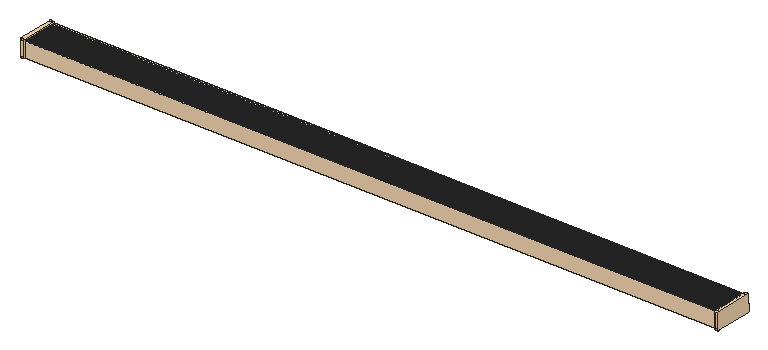
Revit family "Shower-Drain_Cover-KOHLER-Tile-In-K-80648_1", category Specialty Equipment, host Face, Revit 2017
Family settings
  Host = Face
  Round Connector Dimension = Use Diameter
  Part Type = Normal
  OmniClass Number = 23.31.25.00
  Cut with Voids When Loaded = No
  Shared = No
  Room Calculation Point = No
Parameters (values of type "2MB-Vibrant Brushed Moderne Brass")
  Width = 48"  # constant formula
  WaterSense Certified = 1 = 0  # no
  URL = "https://www.us.kohler.com/us/"
  Type = 1
  Product Page URL = "http://www.us.kohler.com/us/catalog/productDetails.jsp?productId=80648"
  Product Name = "TILE-IN"  # constant formula
  Product Documentation Link = "https://www.us.kohler.com/webassets/kpna/catalog/pdf/en/K-80648_spec_US-CA_Kohler_en.pdf"
  Model = if(Type = 1, "K-80648-2MB", if(Type = 2, "K-80648-BL", if(Type = 3, "K-80648-BNK", if(Type = 4, "K-80648-SH", "NA"))))  # "K-80648-2MB"
  Material = "Aluminum"  # constant formula
  Master Format 2014 Name = "Toilet, Bath, and Laundry Accessories"  # constant formula
  Master Format 2014 = "10 28 00"  # constant formula
  Manufacturer Address = "KOHLER Co. 444 Highland Dr. Kohler, WI 53044"  # constant formula
  Manufacturer = "KOHLER Co."  # constant formula
  Length = 2 9/16"  # constant formula
  Height = 1 1/8"  # constant formula
  Finish = Kohler-Metal-2MB-Vibrant_Brushed_Moderne_Brass
  Environmental Product Declaration = ""
  Description = "48 INCH TILE IN MEDIUM LINEAR DRAIN GRID"  # constant formula
  Default Elevation = 0"
  Declare Label = ""
  Date Modified = "04/13/2021"  # constant formula
  Date Created = "04/13/2021"  # constant formula
  Copyright = "Copyright KOHLER Co."  # constant formula
  Contact Us = "https://www.us.kohler.com/us/static/contact.jsp"
  Assembly Code = "C1030200"
  ADA Compliant = 1 = 0  # no
Types (5): name | Type | Model | Finish
  (no name) | 1 | "K-80648-2MB" | Kohler-Metal-2MB-Vibrant_Brushed_Moderne_Brass
  2MB-Vibrant Brushed Moderne Brass | 1 | "K-80648-2MB" | Kohler-Metal-2MB-Vibrant_Brushed_Moderne_Brass
  BL-Matte Black | 2 | "K-80648-BL" | Kohler-Metal-BL-Matte_Black
  BNK-Anodized Brushed Nickel | 3 | "K-80648-BNK" | Kohler-Metal-BNK-Anodized_Brushed_Nickel
  SH-Bright Silver | 4 | "K-80648-SH" | Kohler-Metal-SH-Bright_Silver
Reference planes (in)
  plane 1 "Center (Front/Back)": y = 0
  plane 2: z = 0
  plane 3 "Center (Left/Right)": x = 0
  plane 4: y = 1.28125
  plane 5: y = 1.25
  plane 6: y = -1.28125
  plane 7: y = -1.25
  plane 8: z = -1.125
  plane 9: x = -24
  plane 10: x = 24
Forms (in)
  Extrusion 1, void
    sketch origin (0, 0, 0) x (1, 0, 0) y (0, 1, 0)
      loop
        line (23.75, 1.25) -> (-23.75, 1.25) -> (-23.75, 1.295) -> (-24, 1.295) -> (-24, -1.295) -> (-23.75, -1.295) -> (-23.75, -1.25) -> (23.75, -1.25) -> (23.75, -1.295) -> (24, -1.295) -> (24, 1.295) -> (23.75, 1.295) -> (23.75, 1.25)
    from 0 to -1.15415
Dimensions and locks (in)
  "Length": plane 4 to plane 6
  plane 5 to plane 7 = 2 1/2"
  "Height": level to plane 8
  "Width": plane 9 to plane 10
  aligned and locked: plane 2 to host face
  aligned and locked: level to host face
Automatic sketch dimensions
  host sketch curve to host sketch curve = 96"  (x2)
  plane 5 to Extrusion 1 sketch curve = 0"
  Extrusion 1 sketch curve to plane 7 = 0"
  Extrusion 1 sketch curve to plane 6 = 0.01375"  (x2)
  Extrusion 1 sketch curve to plane 4 = 0.01375"  (x2)
  plane 9 to Extrusion 1 sketch curve = 0"
  Extrusion 1 sketch curve to Extrusion 1 sketch curve = 1/4"  (x3)
  Extrusion 1 sketch curve to plane 10 = 1/4"
  Extrusion 1 sketch curve to Extrusion 1 sketch curve = 0"
Nested families (in)
  nested 1: "K-80648" at (0, 0, 0), type "K-80648"
Definition of nested family "K-80648"
  Parameters (values of type "K-80648")
    Material = none
  Reference planes (in)
    plane 1 "Center (Front/Back)": y = 0
    plane 2: z = 0
    plane 3 "Center (Left/Right)": x = 0
    plane 4: y = 1.28125
    plane 5: y = -1.28125
    plane 6: y = 1.25
    plane 7: y = -1.25
    plane 8: z = -1.125
    plane 9: x = -24
    plane 10: x = 24
    plane 11: x = -17.49981
  Forms (in)
    Extrusion 1, solid, material <- "Material", detail levels medium+fine
      sketch origin (0, 0, 0) x (0, 1, 0) y (0, 0, 1)
        loop
          line (1.13155, -0.05) -> (1.13155, -1.1) -> (1.25, -1.1) -> (1.25, -0.05) -> (1.13155, -0.05)
        loop
          line (-1.15, -1.1) -> (-1.15, -0.05) -> (-1.25, -0.05) -> (-1.25, -1.1) -> (-1.15, -1.1)
        loop
          line (-1.11665, -0.05) -> (-1.11665, -0.11699) -> (-1.05368, -0.11699) -> (-1.05368, -0.05) -> (-1.11665, -0.05)
        loop
          line (-1.02033, -0.05) -> (-1.02033, -0.11699) -> (-0.95736, -0.11699) -> (-0.95736, -0.05) -> (-1.02033, -0.05)
        loop
          line (-0.92401, -0.05) -> (-0.92401, -0.11699) -> (-0.86104, -0.11699) -> (-0.86104, -0.05) -> (-0.92401, -0.05)
        loop
          line (-0.82769, -0.05) -> (-0.82769, -0.11699) -> (-0.76471, -0.11699) -> (-0.76471, -0.05) -> (-0.82769, -0.05)
        loop
          line (-0.73137, -0.05) -> (-0.73137, -0.11699) -> (-0.66839, -0.11699) -> (-0.66839, -0.05) -> (-0.73137, -0.05)
        loop
          line (-0.63505, -0.05) -> (-0.63505, -0.11699) -> (-0.57207, -0.11699) -> (-0.57207, -0.05) -> (-0.63505, -0.05)
        loop
          line (-0.53873, -0.05) -> (-0.53873, -0.11699) -> (-0.47575, -0.11699) -> (-0.47575, -0.05) -> (-0.53873, -0.05)
        loop
          line (-0.44241, -0.05) -> (-0.44241, -0.11699) -> (-0.37943, -0.11699) -> (-0.37943, -0.05) -> (-0.44241, -0.05)
        loop
          line (-0.34608, -0.05) -> (-0.34608, -0.11699) -> (-0.28311, -0.11699) -> (-0.28311, -0.05) -> (-0.34608, -0.05)
        loop
          line (-0.24976, -0.05) -> (-0.24976, -0.11699) -> (-0.18679, -0.11699) -> (-0.18679, -0.05) -> (-0.24976, -0.05)
        loop
          line (-0.15344, -0.05) -> (-0.15344, -0.11699) -> (-0.09047, -0.11699) -> (-0.09047, -0.05) -> (-0.15344, -0.05)
        loop
          line (-0.05712, -0.05) -> (-0.05712, -0.11699) -> (0.00586, -0.11699) -> (0.00586, -0.05) -> (-0.05712, -0.05)
        loop
          line (0.0392, -0.05) -> (0.0392, -0.11699) -> (0.10218, -0.11699) -> (0.10218, -0.05) -> (0.0392, -0.05)
        loop
          line (0.13552, -0.05) -> (0.13552, -0.11699) -> (0.1985, -0.11699) -> (0.1985, -0.05) -> (0.13552, -0.05)
        loop
          line (0.23184, -0.05) -> (0.23184, -0.11699) -> (0.29482, -0.11699) -> (0.29482, -0.05) -> (0.23184, -0.05)
        loop
          line (0.32816, -0.05) -> (0.32816, -0.11699) -> (0.39114, -0.11699) -> (0.39114, -0.05) -> (0.32816, -0.05)
        loop
          line (0.42449, -0.05) -> (0.42449, -0.11699) -> (0.48746, -0.11699) -> (0.48746, -0.05) -> (0.42449, -0.05)
        loop
          line (0.52081, -0.05) -> (0.52081, -0.11699) -> (0.58378, -0.11699) -> (0.58378, -0.05) -> (0.52081, -0.05)
        loop
          line (0.61713, -0.05) -> (0.61713, -0.11699) -> (0.6801, -0.11699) -> (0.6801, -0.05) -> (0.61713, -0.05)
        loop
          line (0.71345, -0.05) -> (0.71345, -0.11699) -> (0.77643, -0.11699) -> (0.77643, -0.05) -> (0.71345, -0.05)
        loop
          line (0.80977, -0.05) -> (0.80977, -0.11699) -> (0.87275, -0.11699) -> (0.87275, -0.05) -> (0.80977, -0.05)
        loop
          line (0.90609, -0.05) -> (0.90609, -0.11699) -> (0.96907, -0.11699) -> (0.96907, -0.05) -> (0.90609, -0.05)
        loop
          line (1.01472, -0.05) -> (1.01472, -0.11699) -> (1.07769, -0.11699) -> (1.07769, -0.05) -> (1.01472, -0.05)
      from -23.75 to 23.75
    Extrusion 2, solid, material <- "Material", detail levels coarse
      sketch origin (0, 0, 0) x (1, 0, 0) y (0, 1, 0)
        loop
          line (-24, 1.295) -> (-24, -1.295) -> (-23.75, -1.295) -> (-23.75, -1.25) -> (23.75, -1.25) -> (23.75, -1.295) -> (24, -1.295) -> (24, 1.295) -> (23.75, 1.295) -> (23.75, 1.25) -> (-23.75, 1.25) -> (-23.75, 1.295) -> (-24, 1.295)
      from -1.14 to 0
    Extrusion 3, void
      sketch origin (0, 0, 0) x (1, 0, 0) y (0, 1, 0)
        loop
          circle (-23.49981, 1.00027) r 0.07522
        loop
          circle (-23.49981, -1.03718) r 0.07522
        loop
          circle (-22.51556, 1.00027) r 0.07522
        loop
          circle (-22.51556, -1.03718) r 0.07522
        loop
          circle (-21.49864, 1.00027) r 0.07522
        loop
          circle (-21.49864, -1.03718) r 0.07522
        loop
          circle (-20.49884, 1.00027) r 0.07522
        loop
          circle (-20.49884, -1.03718) r 0.07522
        loop
          circle (-19.50037, 1.00027) r 0.07522
        loop
          circle (-19.50037, -1.03718) r 0.07522
        loop
          circle (-18.50003, 1.00027) r 0.07522
        loop
          circle (-18.50003, -1.03718) r 0.07522
        loop
          circle (-0.50105, 1.00027) r 0.07522
        loop
          circle (-0.50105, -1.03718) r 0.07522
        loop
          circle (5.49913, 1.00027) r 0.07522
        loop
          circle (5.49913, -1.03718) r 0.07522
        loop
          circle (11.50103, 1.00027) r 0.07522
        loop
          circle (11.50103, -1.03718) r 0.07522
        loop
          circle (17.50045, 1.00027) r 0.07522
        loop
          circle (17.50045, -1.03718) r 0.07522
        loop
          circle (23.49996, 1.00027) r 0.07522
        loop
          circle (23.49996, -1.03718) r 0.07522
      from -1.38399 to 0.45587
    Extrusion 4, solid, material <- "Material", detail levels medium+fine
      sketch origin (6, 0, 0) x (0, 1, 0) y (0, 0, -1)
        loop
          line (-1.255, 0) -> (1.255, 0)
          arc (1.255, 0) -> (1.28328, 0.01172) -> (1.295, 0.04) r 0.04
          line (1.295, 0.04) -> (1.295, 1.1)
          arc (1.295, 1.1) -> (1.28328, 1.12828) -> (1.255, 1.14) r 0.04
          line (1.255, 1.14) -> (-1.255, 1.14)
          arc (-1.255, 1.14) -> (-1.28328, 1.12828) -> (-1.295, 1.1) r 0.04
          line (-1.295, 1.1) -> (-1.295, 0.04)
          arc (-1.295, 0.04) -> (-1.28328, 0.01172) -> (-1.255, 0) r 0.04
      from -18 to -17.75
    Extrusion 5, solid, material <- "Material", detail levels medium+fine
      sketch origin (-6, 0, 0) x (0, 1, 0) y (0, 0, 1)
        loop
          arc (-1.255, 0) -> (-1.28328, -0.01172) -> (-1.295, -0.04) r 0.04
          line (-1.295, -0.04) -> (-1.295, -1.1)
          arc (-1.295, -1.1) -> (-1.28328, -1.12828) -> (-1.255, -1.14) r 0.04
          line (-1.255, -1.14) -> (1.255, -1.14)
          arc (1.255, -1.14) -> (1.28328, -1.12828) -> (1.295, -1.1) r 0.04
          line (1.295, -1.1) -> (1.295, -0.04)
          arc (1.295, -0.04) -> (1.28328, -0.01172) -> (1.255, 0) r 0.04
          line (1.255, 0) -> (-1.255, 0)
      from -18 to -17.75
  Cuts and joins
    Extrusion 3 cuts Extrusion 1
  Lines and regions (in)
    Masking region 1
      outline origin (0, 0, 0) x (1, 0, 0) y (0, 1, 0)
        loop
          line (-23.75, -1.25) -> (23.75, -1.25) -> (23.75, -1.28125) -> (24, -1.28125) -> (24, 1.28125) -> (23.75, 1.28125) -> (23.75, 1.25) -> (-23.75, 1.25) -> (-23.75, 1.28125) -> (-23.97857, 1.28125)
          arc (-23.97857, 1.28125) -> (-23.99372, 1.27497) -> (-24, 1.25982) r 0.02143
          line (-24, 1.25982) -> (-24, -1.25982)
          arc (-24, -1.25982) -> (-23.99372, -1.27497) -> (-23.97857, -1.28125) r 0.02143
          line (-23.97857, -1.28125) -> (-23.75, -1.28125) -> (-23.75, -1.25)
    Masking region 2
      outline origin (0, 0, 0) x (1, 0, 0) y (0, 0, 1)
        loop
          line (-23.75, -1.09414) -> (23.75, -1.09414) -> (23.75, -1.125) -> (23.97948, -1.125)
          arc (23.97948, -1.125) -> (23.99399, -1.11899) -> (24, -1.10448) r 0.02052
          line (24, -1.10448) -> (24, -0.02052)
          arc (24, -0.02052) -> (23.99399, -0.00601) -> (23.97948, 0) r 0.02052
          line (23.97948, 0) -> (23.75, 0) -> (23.75, -0.05) -> (-23.75, -0.05) -> (-23.75, 0) -> (-23.97948, 0)
          arc (-23.97948, 0) -> (-23.99399, -0.00601) -> (-24, -0.02052) r 0.02052
          line (-24, -0.02052) -> (-24, -1.10448)
          arc (-24, -1.10448) -> (-23.99399, -1.11899) -> (-23.97948, -1.125) r 0.02052
          line (-23.97948, -1.125) -> (-23.75, -1.125) -> (-23.75, -1.09414)
    Masking region 3
      outline origin (0, 0, 0) x (0, 1, 0) y (0, 0, 1)
        loop
          line (1.28125, -1.08984) -> (1.28125, -0.03451)
          arc (1.28125, -0.03451) -> (1.27114, -0.01011) -> (1.24674, 0) r 0.03451
          line (1.24674, 0) -> (-1.24609, 0)
          arc (-1.24609, 0) -> (-1.27095, -0.0103) -> (-1.28125, -0.03516) r 0.03516
          line (-1.28125, -0.03516) -> (-1.28125, -1.08984)
          arc (-1.28125, -1.08984) -> (-1.27095, -1.1147) -> (-1.24609, -1.125) r 0.03516
          line (-1.24609, -1.125) -> (1.24609, -1.125)
          arc (1.24609, -1.125) -> (1.27095, -1.1147) -> (1.28125, -1.08984) r 0.03516
    symbolic lines, detail levels medium+fine
      curve 1: line (0, 1.24674, -0.01172) -> (0, -1.24609, -0.01172)
      curve 2: arc (0, -1.24609, -0.01172) -> (0, -1.26267, -0.01858) -> (0, -1.26953, -0.03516) r 0.02344
      curve 3: line (0, -1.26953, -1.08984) -> (0, -1.26953, -0.03516)
      curve 4: arc (0, -1.24609, -1.11328) -> (0, -1.26267, -1.10642) -> (0, -1.26953, -1.08984) r 0.02344
      curve 5: line (0, 1.24609, -1.11328) -> (0, -1.24609, -1.11328)
      curve 6: arc (0, 1.26953, -1.08984) -> (0, 1.26267, -1.10642) -> (0, 1.24609, -1.11328) r 0.02344
      curve 7: line (0, 1.26953, -1.08984) -> (0, 1.26953, -0.03451)
      curve 8: arc (0, 1.26953, -0.03451) -> (0, 1.26286, -0.01839) -> (0, 1.24674, -0.01172) r 0.02279
      curve 9: arc (-23.57312, -1.02033, 0) -> (-23.57503, -1.037, 0) -> (-23.57319, -1.05368, 0) r 0.07522
      curve 10: arc (-23.42642, -1.05368, 0) -> (-23.42459, -1.037, 0) -> (-23.4265, -1.02033, 0) r 0.07522
      curve 11: arc (-22.58886, -1.02033, 0) -> (-22.59077, -1.037, 0) -> (-22.58894, -1.05368, 0) r 0.07522
      curve 12: arc (-22.44217, -1.05368, 0) -> (-22.44034, -1.037, 0) -> (-22.44225, -1.02033, 0) r 0.07522
      curve 13: arc (-21.57195, -1.02033, 0) -> (-21.57386, -1.037, 0) -> (-21.57203, -1.05368, 0) r 0.07522
      curve 14: arc (-21.42526, -1.05368, 0) -> (-21.42342, -1.037, 0) -> (-21.42533, -1.02033, 0) r 0.07522
      curve 15: arc (-20.57215, -1.02033, 0) -> (-20.57406, -1.037, 0) -> (-20.57222, -1.05368, 0) r 0.07522
      curve 16: arc (-20.42546, -1.05368, 0) -> (-20.42362, -1.037, 0) -> (-20.42553, -1.02033, 0) r 0.07522
      curve 17: arc (-19.57367, -1.02033, 0) -> (-19.57558, -1.037, 0) -> (-19.57375, -1.05368, 0) r 0.07522
      curve 18: arc (-19.42698, -1.05368, 0) -> (-19.42515, -1.037, 0) -> (-19.42706, -1.02033, 0) r 0.07522
      curve 19: arc (-18.42664, -1.05368, 0) -> (-18.42481, -1.037, 0) -> (-18.42672, -1.02033, 0) r 0.07522
      curve 20: arc (-18.57333, -1.02033, 0) -> (-18.57524, -1.037, 0) -> (-18.57341, -1.05368, 0) r 0.07522
      curve 21: arc (-18.43159, 0.96907, 0) -> (-18.42533, 0.99147, 0) -> (-18.42621, 1.01472, 0) r 0.07522
      curve 22: arc (-18.57384, 1.01472, 0) -> (-18.57473, 0.99147, 0) -> (-18.56847, 0.96907, 0) r 0.07522
      curve 23: arc (-19.57418, 1.01472, 0) -> (-19.57507, 0.99147, 0) -> (-19.56881, 0.96907, 0) r 0.07522
      curve 24: arc (-19.43193, 0.96907, 0) -> (-19.42567, 0.99147, 0) -> (-19.42655, 1.01472, 0) r 0.07522
      curve 25: arc (-20.57073, 1.0224, 0) -> (-20.5739, 0.99542, 0) -> (-20.56728, 0.96907, 0) r 0.07522
      curve 26: arc (-20.4304, 0.96907, 0) -> (-20.42414, 0.99147, 0) -> (-20.42502, 1.01472, 0) r 0.07522
      curve 27: arc (-21.57246, 1.01472, 0) -> (-21.57334, 0.99147, 0) -> (-21.56708, 0.96907, 0) r 0.07522
      curve 28: arc (-21.4302, 0.96907, 0) -> (-21.42394, 0.99147, 0) -> (-21.42482, 1.01472, 0) r 0.07522
      curve 29: arc (-22.58937, 1.01472, 0) -> (-22.59026, 0.99147, 0) -> (-22.584, 0.96907, 0) r 0.07522
      curve 30: arc (-22.44712, 0.96907, 0) -> (-22.44086, 0.99147, 0) -> (-22.44174, 1.01472, 0) r 0.07522
      curve 31: arc (-23.57363, 1.01472, 0) -> (-23.57451, 0.99147, 0) -> (-23.56825, 0.96907, 0) r 0.07522
      curve 32: arc (-23.43137, 0.96907, 0) -> (-23.42511, 0.99147, 0) -> (-23.42599, 1.01472, 0) r 0.07522
      curve 33: line (-23.75, -1.25, 0) -> (-23.75, 1.255, 0)
      curve 34: arc (5.42632, -1.02033, 0) -> (5.42441, -1.037, 0) -> (5.42624, -1.05368, 0) r 0.07522
      curve 35: arc (5.57301, -1.05368, 0) -> (5.57484, -1.037, 0) -> (5.57293, -1.02033, 0) r 0.07522
      curve 36: arc (11.42821, -1.02033, 0) -> (11.4263, -1.037, 0) -> (11.42814, -1.05368, 0) r 0.07522
      curve 37: arc (11.57491, -1.05368, 0) -> (11.57674, -1.037, 0) -> (11.57483, -1.02033, 0) r 0.07522
      curve 38: arc (17.42764, -1.02033, 0) -> (17.42573, -1.037, 0) -> (17.42756, -1.05368, 0) r 0.07522
      curve 39: arc (17.57433, -1.05368, 0) -> (17.57616, -1.037, 0) -> (17.57425, -1.02033, 0) r 0.07522
      curve 40: arc (23.42714, -1.02033, 0) -> (23.42523, -1.037, 0) -> (23.42707, -1.05368, 0) r 0.07522
      curve 41: arc (23.57384, -1.05368, 0) -> (23.57567, -1.037, 0) -> (23.57376, -1.02033, 0) r 0.07522
      curve 42: arc (23.42663, 1.01472, 0) -> (23.42575, 0.99147, 0) -> (23.43201, 0.96907, 0) r 0.07522
      curve 43: arc (23.56889, 0.96907, 0) -> (23.57515, 0.99147, 0) -> (23.57427, 1.01472, 0) r 0.07522
      curve 44: arc (17.42713, 1.01472, 0) -> (17.42624, 0.99147, 0) -> (17.4325, 0.96907, 0) r 0.07522
      curve 45: arc (17.56938, 0.96907, 0) -> (17.57564, 0.99147, 0) -> (17.57476, 1.01472, 0) r 0.07522
      curve 46: arc (11.4277, 1.01472, 0) -> (11.42682, 0.99147, 0) -> (11.43308, 0.96907, 0) r 0.07522
      curve 47: arc (11.56996, 0.96907, 0) -> (11.57622, 0.99147, 0) -> (11.57534, 1.01472, 0) r 0.07522
      curve 48: arc (5.42581, 1.01472, 0) -> (5.42492, 0.99147, 0) -> (5.43118, 0.96907, 0) r 0.07522
      curve 49: arc (5.56806, 0.96907, 0) -> (5.57432, 0.99147, 0) -> (5.57344, 1.01472, 0) r 0.07522
      curve 50: line (23.75, 1.25, 0) -> (23.75, -1.255, 0)
      curve 51: line (-23.75, 0, -0.05) -> (-23.75, 0, -1.09414)
      curve 52: line (-23.97948, 0, -1.125) -> (-23.97948, 0, 0)
      curve 53: line (23.75, 0, -0.04) -> (23.75, 0, -1.09414)
      curve 54: line (23.97948, 0, 0) -> (23.97948, 0, -1.125)
      curve 55: line (-23.75, 1.13155, 0) -> (23.75, 1.13155, 0)
      curve 56: line (23.75, 1.07769, 0) -> (-23.75, 1.07769, 0)
      curve 57: line (-23.75, 0.90609, 0) -> (23.75, 0.90609, 0)
      curve 58: line (23.75, 0.87275, 0) -> (-23.75, 0.87275, 0)
      curve 59: line (-23.75, 0.80977, 0) -> (23.75, 0.80977, 0)
      curve 60: line (23.75, 0.77643, 0) -> (-23.75, 0.77643, 0)
      curve 61: line (-23.75, 0.71345, 0) -> (23.75, 0.71345, 0)
      curve 62: line (23.75, 0.6801, 0) -> (-23.75, 0.6801, 0)
      curve 63: line (23.75, 0.58378, 0) -> (-23.75, 0.58378, 0)
      curve 64: line (-23.75, 0.61713, 0) -> (23.75, 0.61713, 0)
      curve 65: line (23.75, 0.48746, 0) -> (-23.75, 0.48746, 0)
      curve 66: line (-23.75, 0.52081, 0) -> (23.75, 0.52081, 0)
      curve 67: line (-23.75, 0.42449, 0) -> (23.75, 0.42449, 0)
      curve 68: line (23.75, 0.39114, 0) -> (-23.75, 0.39114, 0)
      curve 69: line (23.75, 0.29482, 0) -> (-23.75, 0.29482, 0)
      curve 70: line (-23.75, 0.32816, 0) -> (23.75, 0.32816, 0)
      curve 71: line (-23.75, 0.23184, 0) -> (23.75, 0.23184, 0)
      curve 72: line (23.75, 0.1985, 0) -> (-23.75, 0.1985, 0)
      curve 73: line (-23.75, 0.13552, 0) -> (23.75, 0.13552, 0)
      curve 74: line (23.75, 0.10218, 0) -> (-23.75, 0.10218, 0)
      curve 75: line (-23.75, 0.0392, 0) -> (23.75, 0.0392, 0)
      curve 76: line (23.75, 0.00586, 0) -> (-23.75, 0.00586, 0)
      curve 77: line (-23.75, -0.05712, 0) -> (23.75, -0.05712, 0)
      curve 78: line (23.75, -0.09047, 0) -> (-23.75, -0.09047, 0)
      curve 79: line (-23.75, -0.15344, 0) -> (23.75, -0.15344, 0)
      curve 80: line (23.75, -0.18679, 0) -> (-23.75, -0.18679, 0)
      curve 81: line (-23.75, -0.24976, 0) -> (23.75, -0.24976, 0)
      curve 82: line (23.75, -0.28311, 0) -> (-23.75, -0.28311, 0)
      curve 83: line (-23.75, -0.34608, 0) -> (23.75, -0.34608, 0)
      curve 84: line (23.75, -0.37943, 0) -> (-23.75, -0.37943, 0)
      curve 85: line (-23.75, -0.44241, 0) -> (23.75, -0.44241, 0)
      curve 86: line (23.75, -0.47575, 0) -> (-23.75, -0.47575, 0)
      curve 87: line (-23.75, -0.53873, 0) -> (23.75, -0.53873, 0)
      curve 88: line (23.75, -0.57207, 0) -> (-23.75, -0.57207, 0)
      curve 89: line (-23.75, -0.63505, 0) -> (23.75, -0.63505, 0)
      curve 90: line (23.75, -0.66839, 0) -> (-23.75, -0.66839, 0)
      curve 91: line (-23.75, -0.73137, 0) -> (23.75, -0.73137, 0)
      curve 92: line (23.75, -0.76471, 0) -> (-23.75, -0.76471, 0)
      curve 93: line (23.75, -1.15, 0) -> (-23.75, -1.15, 0)
      curve 94: line (-23.75, -1.11665, 0) -> (23.75, -1.11665, 0)
      curve 95: line (-23.75, -0.92401, 0) -> (23.75, -0.92401, 0)
      curve 96: line (23.75, -0.86104, 0) -> (-23.75, -0.86104, 0)
      curve 97: line (-23.75, -0.82769, 0) -> (23.75, -0.82769, 0)
      curve 98: line (-18.42621, 1.01472, 0) -> (-0.57438, 1.01472, 0)
      curve 99: line (-18.42672, -1.02033, 0) -> (-0.5742, -1.02033, 0)
      curve 100: line (-4.57414, -0.95736, 0) -> (-23.75, -0.95736, 0)
      curve 101: line (-0.57358, -1.05368, 0) -> (-18.42664, -1.05368, 0)
      curve 102: line (-0.569, 0.96907, 0) -> (-18.43159, 0.96907, 0)
      curve 103: line (-23.75, 1.01472, 0) -> (-23.57363, 1.01472, 0)
      curve 104: line (-23.75, -1.02033, 0) -> (-23.57312, -1.02033, 0)
      curve 105: line (-23.75, -1.15, 0) -> (-23.75, -1.11665, 0)
      curve 106: line (-23.75, 1.07769, 0) -> (-23.75, 1.13155, 0)
      curve 107: line (-23.75, 0.96907, 0) -> (-23.75, 1.01472, 0)
      curve 108: line (-23.75, 0.87275, 0) -> (-23.75, 0.90609, 0)
      curve 109: line (-23.75, 0.77643, 0) -> (-23.75, 0.80977, 0)
      curve 110: line (-23.75, 0.6801, 0) -> (-23.75, 0.71345, 0)
      curve 111: line (-23.75, 0.58378, 0) -> (-23.75, 0.61713, 0)
      curve 112: line (-23.75, 0.48746, 0) -> (-23.75, 0.52081, 0)
      curve 113: line (-23.75, 0.39114, 0) -> (-23.75, 0.42449, 0)
      curve 114: line (-23.75, 0.29482, 0) -> (-23.75, 0.32816, 0)
      curve 115: line (-23.75, 0.1985, 0) -> (-23.75, 0.23184, 0)
      curve 116: line (-23.75, 0.10218, 0) -> (-23.75, 0.13552, 0)
      curve 117: line (-23.75, 0.00586, 0) -> (-23.75, 0.0392, 0)
      curve 118: line (-23.75, -0.09047, 0) -> (-23.75, -0.05712, 0)
      curve 119: line (-23.75, -0.18679, 0) -> (-23.75, -0.15344, 0)
      curve 120: line (-23.75, -0.28311, 0) -> (-23.75, -0.24976, 0)
      curve 121: line (-23.75, -0.37943, 0) -> (-23.75, -0.34608, 0)
      curve 122: line (-23.75, -0.47575, 0) -> (-23.75, -0.44241, 0)
      curve 123: line (-23.75, -0.57207, 0) -> (-23.75, -0.53873, 0)
      curve 124: line (-23.75, -0.66839, 0) -> (-23.75, -0.63505, 0)
      curve 125: line (-23.75, -0.76471, 0) -> (-23.75, -0.73137, 0)
      curve 126: line (-23.75, -0.86104, 0) -> (-23.75, -0.82769, 0)
      curve 127: line (-23.75, -0.95736, 0) -> (-23.75, -0.92401, 0)
      curve 128: line (-23.75, -1.05368, 0) -> (-23.75, -1.02033, 0)
      curve 129: arc (-23.56825, 0.96907, 0) -> (-23.49981, 0.92505, 0) -> (-23.43137, 0.96907, 0) r 0.07522
      curve 130: arc (-23.42599, 1.01472, 0) -> (-23.49981, 1.07549, 0) -> (-23.57363, 1.01472, 0) r 0.07522
      curve 131: arc (-22.584, 0.96907, 0) -> (-22.51556, 0.92505, 0) -> (-22.44712, 0.96907, 0) r 0.07522
      curve 132: arc (-22.44174, 1.01472, 0) -> (-22.51556, 1.07549, 0) -> (-22.58937, 1.01472, 0) r 0.07522
      curve 133: arc (-23.57319, -1.05368, 0) -> (-23.49981, -1.11239, 0) -> (-23.42642, -1.05368, 0) r 0.07522
      curve 134: arc (-23.4265, -1.02033, 0) -> (-23.49981, -0.96196, 0) -> (-23.57312, -1.02033, 0) r 0.07522
      curve 135: arc (-22.58894, -1.05368, 0) -> (-22.51556, -1.11239, 0) -> (-22.44217, -1.05368, 0) r 0.07522
      curve 136: arc (-22.44225, -1.02033, 0) -> (-22.51556, -0.96196, 0) -> (-22.58886, -1.02033, 0) r 0.07522
      curve 137: arc (-21.42482, 1.01472, 0) -> (-21.49864, 1.07549, 0) -> (-21.57246, 1.01472, 0) r 0.07522
      curve 138: arc (-21.56708, 0.96907, 0) -> (-21.49864, 0.92505, 0) -> (-21.4302, 0.96907, 0) r 0.07522
      curve 139: arc (-20.42502, 1.01472, 0) -> (-20.49884, 1.07549, 0) -> (-20.57266, 1.01472, 0) r 0.07522
      curve 140: arc (-20.56728, 0.96907, 0) -> (-20.49884, 0.92505, 0) -> (-20.4304, 0.96907, 0) r 0.07522
      curve 141: arc (-18.42621, 1.01472, 0) -> (-18.50003, 1.07549, 0) -> (-18.57384, 1.01472, 0) r 0.07522
      curve 142: arc (-18.56847, 0.96907, 0) -> (-18.50003, 0.92505, 0) -> (-18.43159, 0.96907, 0) r 0.07522
      curve 143: arc (-19.56881, 0.96907, 0) -> (-19.50037, 0.92505, 0) -> (-19.43193, 0.96907, 0) r 0.07522
      curve 144: arc (-19.42655, 1.01472, 0) -> (-19.50037, 1.07549, 0) -> (-19.57418, 1.01472, 0) r 0.07522
      curve 145: arc (-21.57203, -1.05368, 0) -> (-21.49864, -1.11239, 0) -> (-21.42526, -1.05368, 0) r 0.07522
      curve 146: arc (-21.42533, -1.02033, 0) -> (-21.49864, -0.96196, 0) -> (-21.57195, -1.02033, 0) r 0.07522
      curve 147: arc (-20.57222, -1.05368, 0) -> (-20.49884, -1.11239, 0) -> (-20.42546, -1.05368, 0) r 0.07522
      curve 148: arc (-20.42553, -1.02033, 0) -> (-20.49884, -0.96196, 0) -> (-20.57215, -1.02033, 0) r 0.07522
      curve 149: arc (-19.57375, -1.05368, 0) -> (-19.50037, -1.11239, 0) -> (-19.42698, -1.05368, 0) r 0.07522
      curve 150: arc (-19.42706, -1.02033, 0) -> (-19.50037, -0.96196, 0) -> (-19.57367, -1.02033, 0) r 0.07522
      curve 151: arc (-18.57341, -1.05368, 0) -> (-18.50003, -1.11239, 0) -> (-18.42664, -1.05368, 0) r 0.07522
      curve 152: arc (-18.42672, -1.02033, 0) -> (-18.50003, -0.96196, 0) -> (-18.57333, -1.02033, 0) r 0.07522
      curve 153: line (-23.42599, 1.01472, 0) -> (-22.58937, 1.01472, 0)
      curve 154: line (-23.56825, 0.96907, 0) -> (-23.75, 0.96907, 0)
      curve 155: line (-22.44174, 1.01472, 0) -> (-21.57246, 1.01472, 0)
      curve 156: line (-22.584, 0.96907, 0) -> (-23.43137, 0.96907, 0)
      curve 157: line (-21.42482, 1.01472, 0) -> (-20.57266, 1.01472, 0)
      curve 158: line (-21.56708, 0.96907, 0) -> (-22.44712, 0.96907, 0)
      curve 159: line (-20.42502, 1.01472, 0) -> (-19.57418, 1.01472, 0)
      curve 160: line (-20.56728, 0.96907, 0) -> (-21.4302, 0.96907, 0)
      curve 161: line (-19.42655, 1.01472, 0) -> (-18.57384, 1.01472, 0)
      curve 162: line (-19.56881, 0.96907, 0) -> (-20.4304, 0.96907, 0)
      curve 163: line (-18.56847, 0.96907, 0) -> (-19.43193, 0.96907, 0)
      curve 164: line (-18.57341, -1.05368, 0) -> (-19.42698, -1.05368, 0)
      curve 165: line (-19.42706, -1.02033, 0) -> (-18.57333, -1.02033, 0)
      curve 166: line (-19.57375, -1.05368, 0) -> (-20.42546, -1.05368, 0)
      curve 167: line (-20.42553, -1.02033, 0) -> (-19.57367, -1.02033, 0)
      curve 168: line (-20.57222, -1.05368, 0) -> (-21.42526, -1.05368, 0)
      curve 169: line (-21.42533, -1.02033, 0) -> (-20.57215, -1.02033, 0)
      curve 170: line (-21.57203, -1.05368, 0) -> (-22.44217, -1.05368, 0)
      curve 171: line (-22.44225, -1.02033, 0) -> (-21.57195, -1.02033, 0)
      curve 172: line (-22.58894, -1.05368, 0) -> (-23.42642, -1.05368, 0)
      curve 173: line (-23.4265, -1.02033, 0) -> (-22.58886, -1.02033, 0)
      curve 174: line (-23.57319, -1.05368, 0) -> (-23.75, -1.05368, 0)
      curve 175: line (23.75, 0.96907, 0) -> (23.56889, 0.96907, 0)
      curve 176: line (23.75, -1.05368, 0) -> (23.57384, -1.05368, 0)
      curve 177: line (23.75, -0.95736, 0) -> (-4.57414, -0.95736, 0)
      curve 178: line (23.75, -1.15, 0) -> (23.75, -1.11665, 0)
      curve 179: line (23.75, 1.07769, 0) -> (23.75, 1.13155, 0)
      curve 180: line (23.75, 0.96907, 0) -> (23.75, 1.01472, 0)
      curve 181: line (23.75, 0.87275, 0) -> (23.75, 0.90609, 0)
      curve 182: line (23.75, 0.77643, 0) -> (23.75, 0.80977, 0)
      curve 183: line (23.75, 0.6801, 0) -> (23.75, 0.71345, 0)
      curve 184: line (23.75, 0.58378, 0) -> (23.75, 0.61713, 0)
      curve 185: line (23.75, 0.48746, 0) -> (23.75, 0.52081, 0)
      curve 186: line (23.75, 0.39114, 0) -> (23.75, 0.42449, 0)
      curve 187: line (23.75, 0.29482, 0) -> (23.75, 0.32816, 0)
      curve 188: line (23.75, 0.1985, 0) -> (23.75, 0.23184, 0)
      curve 189: line (23.75, 0.10218, 0) -> (23.75, 0.13552, 0)
      curve 190: line (23.75, 0.00586, 0) -> (23.75, 0.0392, 0)
      curve 191: line (23.75, -0.09047, 0) -> (23.75, -0.05712, 0)
      curve 192: line (23.75, -0.18679, 0) -> (23.75, -0.15344, 0)
      curve 193: line (23.75, -0.28311, 0) -> (23.75, -0.24976, 0)
      curve 194: line (23.75, -0.37943, 0) -> (23.75, -0.34608, 0)
      curve 195: line (23.75, -0.47575, 0) -> (23.75, -0.44241, 0)
      curve 196: line (23.75, -0.57207, 0) -> (23.75, -0.53873, 0)
      curve 197: line (23.75, -0.66839, 0) -> (23.75, -0.63505, 0)
      curve 198: line (23.75, -0.76471, 0) -> (23.75, -0.73137, 0)
      curve 199: line (23.75, -0.86104, 0) -> (23.75, -0.82769, 0)
      curve 200: line (23.75, -0.95736, 0) -> (23.75, -0.92401, 0)
      curve 201: line (23.75, -1.05368, 0) -> (23.75, -1.02033, 0)
      curve 202: arc (-0.42674, 1.01472, 0) -> (-0.50056, 1.07549, 0) -> (-0.57438, 1.01472, 0) r 0.07522
      curve 203: arc (-0.569, 0.96907, 0) -> (-0.50056, 0.92505, 0) -> (-0.43212, 0.96907, 0) r 0.07522
      curve 204: arc (5.57344, 1.01472, 0) -> (5.49962, 1.07549, 0) -> (5.42581, 1.01472, 0) r 0.07522
      curve 205: arc (5.43118, 0.96907, 0) -> (5.49962, 0.92505, 0) -> (5.56806, 0.96907, 0) r 0.07522
      curve 206: arc (11.57534, 1.01472, 0) -> (11.50152, 1.07549, 0) -> (11.4277, 1.01472, 0) r 0.07522
      curve 207: arc (11.43308, 0.96907, 0) -> (11.50152, 0.92505, 0) -> (11.56996, 0.96907, 0) r 0.07522
      curve 208: arc (17.57476, 1.01472, 0) -> (17.50094, 1.07549, 0) -> (17.42713, 1.01472, 0) r 0.07522
      curve 209: arc (17.4325, 0.96907, 0) -> (17.50094, 0.92505, 0) -> (17.56938, 0.96907, 0) r 0.07522
      curve 210: arc (23.43201, 0.96907, 0) -> (23.50045, 0.92505, 0) -> (23.56889, 0.96907, 0) r 0.07522
      curve 211: arc (23.57427, 1.01472, 0) -> (23.50045, 1.07549, 0) -> (23.42663, 1.01472, 0) r 0.07522
      curve 212: arc (23.42707, -1.05368, 0) -> (23.50045, -1.11239, 0) -> (23.57384, -1.05368, 0) r 0.07522
      curve 213: arc (23.57376, -1.02033, 0) -> (23.50045, -0.96196, 0) -> (23.42714, -1.02033, 0) r 0.07522
      curve 214: arc (17.42756, -1.05368, 0) -> (17.50094, -1.11239, 0) -> (17.57433, -1.05368, 0) r 0.07522
      curve 215: arc (17.57425, -1.02033, 0) -> (17.50094, -0.96196, 0) -> (17.42764, -1.02033, 0) r 0.07522
      curve 216: arc (11.42814, -1.05368, 0) -> (11.50152, -1.11239, 0) -> (11.57491, -1.05368, 0) r 0.07522
      curve 217: arc (11.57483, -1.02033, 0) -> (11.50152, -0.96196, 0) -> (11.42821, -1.02033, 0) r 0.07522
      curve 218: arc (5.42624, -1.05368, 0) -> (5.49962, -1.11239, 0) -> (5.57301, -1.05368, 0) r 0.07522
      curve 219: arc (5.57293, -1.02033, 0) -> (5.49962, -0.96196, 0) -> (5.42632, -1.02033, 0) r 0.07522
      curve 220: line (23.42707, -1.05368, 0) -> (17.57433, -1.05368, 0)
      curve 221: line (23.57376, -1.02033, 0) -> (23.75, -1.02033, 0)
      curve 222: line (17.42756, -1.05368, 0) -> (11.57491, -1.05368, 0)
      curve 223: line (17.57425, -1.02033, 0) -> (23.42714, -1.02033, 0)
      curve 224: line (11.42814, -1.05368, 0) -> (5.57301, -1.05368, 0)
      curve 225: line (11.57483, -1.02033, 0) -> (17.42764, -1.02033, 0)
      curve 226: line (5.42624, -1.05368, 0) -> (-0.42754, -1.05368, 0)
      curve 227: line (5.57293, -1.02033, 0) -> (11.42821, -1.02033, 0)
      curve 228: line (-0.42692, -1.02033, 0) -> (5.42632, -1.02033, 0)
      curve 229: arc (-0.57358, -1.05368, 0) -> (-0.50056, -1.11086, 0) -> (-0.42754, -1.05368, 0) r 0.07522
      curve 230: arc (-0.42692, -1.02033, 0) -> (-0.50056, -0.96042, 0) -> (-0.5742, -1.02033, 0) r 0.07522
      curve 231: line (23.43201, 0.96907, 0) -> (17.56938, 0.96907, 0)
      curve 232: line (23.57427, 1.01472, 0) -> (23.75, 1.01472, 0)
      curve 233: line (17.4325, 0.96907, 0) -> (11.56996, 0.96907, 0)
      curve 234: line (17.57476, 1.01472, 0) -> (23.42663, 1.01472, 0)
      curve 235: line (11.43308, 0.96907, 0) -> (5.56806, 0.96907, 0)
      curve 236: line (11.57534, 1.01472, 0) -> (17.42713, 1.01472, 0)
      curve 237: line (5.43118, 0.96907, 0) -> (-0.43212, 0.96907, 0)
      curve 238: line (5.57344, 1.01472, 0) -> (11.4277, 1.01472, 0)
      curve 239: line (-0.42674, 1.01472, 0) -> (5.42581, 1.01472, 0)
  Dimensions and locks (in)
    plane 4 to plane 5 = 2 9/16"
    plane 6 to plane 7 = 2 1/2"
    level to plane 8 = 1 1/8"
    plane 9 to plane 10 = 48"
    plane 9 to plane 3 "Center (Left/Right)" = 24"
    plane 3 "Center (Left/Right)" to plane 10 = 24"
    aligned and locked: plane 2 to level
